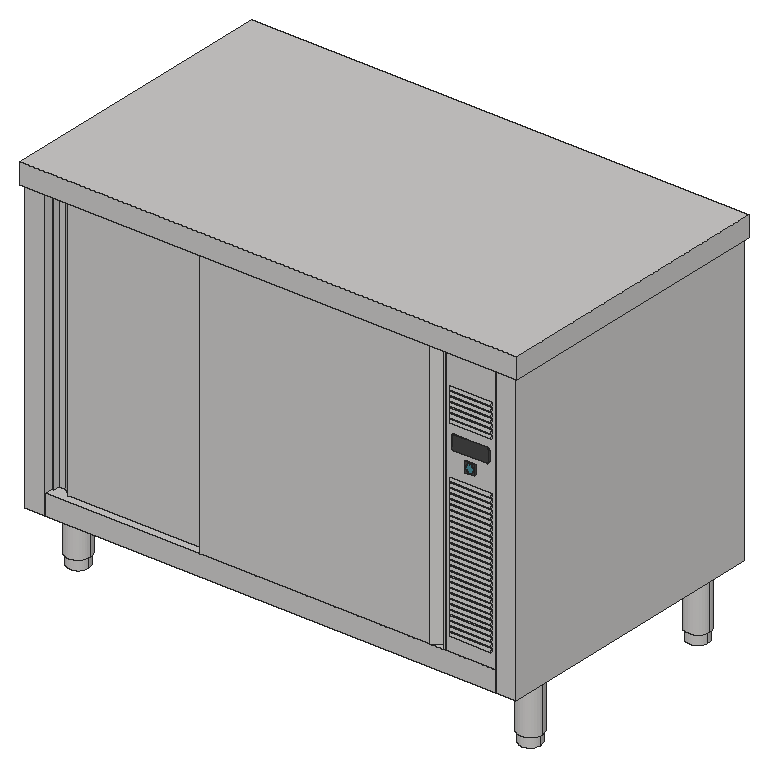
Revit family "QF_ZANUSSI_132871_MSR1207N", category Attrezzature speciali, Revit 2020
Family settings
  Quota connettore circolare = Usa diametro
  Tipo di parte = Normale
  Basato su piano di lavoro = No
  Sempre verticale = Sì
  Taglio con vuoti quando caricato = No
  Condiviso = No
  Punto di calcolo locali = No
Parameters (values of type "Standard")
  Weight = 55.00 kg
  Watts = 2400 W
  Volts = 220 V
  URL Manufacturer = "http://www.zanussiprofessional.com"
  URL = "http://www.zanussiprofessional.com"
  Steam Supply Size = 0 mm
  Steam Supply Minimum Pressure = 0.0 Pa
  Steam Supply Maximum Pressure = 0.0 Pa
  Steam Consumption per Hour = 0
  Refrigeration Suction Line Size = 0.0 mm
  Refrigeration Liquid Line Size = 0.0 mm
  Refrigerant Compressor Remote = yes
  Prospetto di default = 0.0 mm
  Produttore = "Zanussi"
  Phase = 1
  Modello = "MSR1207N"
  Length Actual = 1200.0 mm  # constant formula
  Item Number = "132871"
  Hot Water Size = 0 mm
  Height Actual = 900.0 mm  # constant formula
  HP = "3.2 HP"
  Gas Size = 0 mm
  Gas KW = 0
  Gas Input Pressure = 0 W
  Direct Waste Size = 0 mm
  Descrizione = "HOT CUPBOARD 1200MM"
  Depth Actual = 700.0 mm  # constant formula
  Cycle = 50 Hz
  Condensate Return Size = 0 mm
  Compressed Air Volume = 0.0 L/s
  Compressed Air Size = 0 mm
  Compressed Air Pressure = 0.0 Pa
  Cold Water Size = 0 mm
  Accessory = yes
Reference planes
  plane 1 "Center (Front/Back)": y = 0
  plane 2: z = 0
  plane 3 "Center (Left/Right)": x = -100
  plane 4 "LEFT": x = -700
  plane 5 "RIGHT": x = 500
  plane 6 "BACK": y = 350
  plane 7 "FRONT": y = -350
  plane 8 "Base": z = 850
  plane 9 "TOP": z = 900
  plane 10: x = -646.5
  plane 11: x = 446.5
  plane 12: y = 264.5
  plane 13: y = -241.5
  plane 14 "BodyLeft": x = -694.5
  plane 15 "BodyFront": y = -344.5
  plane 16 "BodyRight": x = 494.5
  plane 17 "BodyBack": y = 344.5
  plane 18 "FEET": z = 150
  plane 19: x = 324.5
  plane 20: x = -161
  plane 21: x = 444.5
  plane 22 "EIx": x = 400
  plane 23 "EIy": y = -170
Forms (mm)
  Extrusion 1, solid, material "QF_Finishes_Stainless Steel"
    sketch origin (-100, 0, 0) x (0, 1, 0) y (0, 0, 1)
      loop
        line (-350, 850) -> (350, 850) -> (350, 900) -> (-350, 900) -> (-350, 850)
    from 600 to -600
  Extrusion 2, solid, material "QF_Finishes_Stainless Steel"
    sketch origin (0, 0, 150) x (-1, 0, 0) y (0, -1, 0)
      loop
        line (694.5, -344.5) -> (694.5, 344.5) -> (644.5, 344.5) -> (644.5, -344.5) -> (694.5, -344.5)
      loop
        line (-444.5, -344.5) -> (-444.5, 344.5) -> (-494.5, 344.5) -> (-494.5, -344.5) -> (-444.5, -344.5)
    from 0 to 700
  Extrusion 3, solid, material "QF_Finishes_Stainless Steel"
    sketch origin (0, 0, 150) x (-1, 0, 0) y (0, -1, 0)
      loop
        line (644.5, -344.5) -> (644.5, 344.5) -> (-444.5, 344.5) -> (-444.5, -344.5) -> (644.5, -344.5)
    from 0 to 50
  Extrusion 4, solid, material "QF_Finishes_Stainless Steel"
    sketch origin (-1, 0, 150) x (-1, 0, 0) y (0, -1, 0)
      loop
        line (-325.5, 344.5) -> (-325.5, 324.5) -> (270.5, 324.5) -> (270.5, 344.5) -> (-285.5, 344.5) -> (-305.5, 329.5) -> (-320.5, 329.5) -> (-320.5, 344.5) -> (-325.5, 344.5)
    from 50 to 700
  Extrusion 5, solid, material "QF_Finishes_Stainless Steel"
    sketch origin (1, 20, 150) x (1, 0, 0) y (0, 1, 0)
      loop
        line (-645.5, -344.5) -> (-640.5, -344.5) -> (-640.5, -329.5) -> (-625.5, -329.5) -> (-605.5, -344.5) -> (-51.5, -344.5) -> (-51.5, -324.5) -> (-645.5, -324.5) -> (-645.5, -344.5)
    from 50 to 700
  Extrusion 6, solid, material "QF_Finishes_Stainless Steel"
    sketch origin (0, 0, 0) x (1, 0, 0) y (0, 1, 0)
      loop
        line (-644.5, -304.5) -> (324.5, -304.5) -> (324.5, 324.5) -> (-644.5, 324.5) -> (-644.5, -304.5)
    from 500 to 540
  Extrusion 7, solid, material "QF_Finishes_Stainless Steel"
    sketch origin (0, 0, 0) x (1, 0, 0) y (0, 1, 0)
      loop
        line (444.5, 344.5) -> (-644.5, 344.5) -> (-644.5, 324.5) -> (444.5, 324.5) -> (444.5, 344.5)
    from 200 to 850
  Extrusion 8, solid, material "QF_Finishes_Stainless Steel"
    sketch origin (0, 0, 150) x (-1, 0, 0) y (0, -1, 0)
      loop
        circle (-400, 170) r 10
    from 0 to -5
Cuts and joins
  joined: Extrusion 3, Extrusion 7
Lines and regions (mm)
  symbolic lines
    curve 1: line (500, 350, 900) -> (-700, 350, 900)
    curve 2: line (-700, 350, 900) -> (-700, -350, 900)
    curve 3: line (-700, -350, 900) -> (500, -350, 900)
    curve 4: line (500, -350, 900) -> (500, 350, 900)
  symbolic lines, style "SpecialityEquipmentHiddenLines"
    curve 5: line (-694.5, 344.5, 150) -> (494.5, 344.5, 150)
    curve 6: line (-694.5, -344.5, 150) -> (-694.5, 344.5, 150)
    curve 7: line (494.5, -344.5, 150) -> (-694.5, -344.5, 150)
    curve 8: line (494.5, 344.5, 150) -> (494.5, -344.5, 150)
    curve 9: line (-645.5, -304.5, 150) -> (-49.5, -304.5, 150)
    curve 10: line (-49.5, -304.5, 150) -> (-49.5, -324.5, 150)
    curve 11: line (-645.5, -324.5, 150) -> (324.5, -324.5, 150)
    curve 12: line (324.5, -324.5, 150) -> (324.5, -344.5, 150)
    curve 13: line (-645.5, -304.5, 150) -> (-645.5, -324.5, 150)
    curve 14: line (-271.5, -344.5, 0) -> (-271.5, -324.5, 0)
Dimensions and locks
  plane 4 "LEFT" to plane 5 "RIGHT" = 1200.0 mm
  equal spacing: plane 4 "LEFT", plane 3 "Center (Left/Right)", plane 5 "RIGHT"
  locked: plane 8 "Base" to level at 850
  plane 9 "TOP" to level = 900.0 mm
  plane 6 "BACK" to plane 7 "FRONT" = 700.0 mm
  equal spacing: plane 6 "BACK", plane 1 "Center (Front/Back)", plane 7 "FRONT"
  locked: plane 4 "LEFT" to plane 14 "BodyLeft" at 5.5
  locked: plane 16 "BodyRight" to plane 5 "RIGHT" at 5.5
  locked: plane 15 "BodyFront" to plane 7 "FRONT" at 5.5
  locked: plane 6 "BACK" to plane 17 "BodyBack" at 5.5
  locked: plane 14 "BodyLeft" to plane 10 at 48
  locked: plane 11 to plane 16 "BodyRight" at 48
  locked: plane 13 to plane 15 "BodyFront" at 103
  locked: plane 17 "BodyBack" to plane 12 at 80
  plane 10 to plane 11 = 1093.0 mm
  plane 12 to plane 13 = 506.0 mm
  locked: plane 14 "BodyLeft" to Extrusion 2 sketch curve at 50
  locked: Extrusion 2 sketch curve to Extrusion 2 sketch curve at 50
  equal spacing: plane 10, plane 20, plane 19
  locked: plane 21 to plane 16 "BodyRight" at 50
  locked: plane 19 to plane 21 at 120
  locked: Extrusion 4 sketch curve to plane 20 at 110.5
  locked: plane 20 to Extrusion 5 sketch curve at 110.5
  locked: plane 18 "FEET" to level at 150
  locked: plane 22 "EIx" to plane 5 "RIGHT" at 100
  plane 23 "EIy" to plane 7 "FRONT" = 180.0 mm
  aligned and locked: level to plane 2
  aligned and locked: plane 10 to nested 1
  aligned and locked: nested 1 to plane 13
  aligned and locked: plane 11 to nested 2
  aligned and locked: nested 2 to plane 13
  aligned and locked: plane 11 to nested 4
  aligned and locked: nested 4 to plane 12
  aligned and locked: plane 10 to nested 3
  aligned and locked: nested 3 to plane 12
  aligned and locked: Extrusion 1 to plane 4 "LEFT"
  aligned and locked: plane 5 "RIGHT" to Extrusion 1
  aligned and locked: curve 2 to plane 4 "LEFT"
  aligned and locked: plane 17 "BodyBack" to Extrusion 2 sketch curve
  aligned and locked: Extrusion 2 sketch curve to plane 15 "BodyFront"
  aligned and locked: Extrusion 2 sketch curve to plane 14 "BodyLeft"
  aligned and locked: plane 16 "BodyRight" to Extrusion 2 sketch curve
  aligned and locked: Extrusion 2 sketch curve to plane 17 "BodyBack"
  aligned and locked: plane 15 "BodyFront" to Extrusion 2 sketch curve
  aligned and locked: Extrusion 3 sketch curve to plane 17 "BodyBack"
  aligned and locked: plane 15 "BodyFront" to Extrusion 3 sketch curve
  aligned and locked: plane 8 "Base" to Extrusion 2
  aligned and locked: plane 8 "Base" to Extrusion 4
  aligned and locked: Extrusion 4 to Extrusion 3
  aligned and locked: Extrusion 1 to plane 8 "Base"
  aligned and locked: plane 9 "TOP" to Extrusion 1
  aligned and locked: curve 5 to plane 17 "BodyBack"
  aligned and locked: plane 14 "BodyLeft" to curve 6
  aligned and locked: plane 15 "BodyFront" to curve 7
  aligned and locked: plane 16 "BodyRight" to curve 8
  aligned and locked: Extrusion 3 to Extrusion 2  (x2)
  aligned and locked: Extrusion 6 sketch curve to Extrusion 2
  aligned and locked: Extrusion 6 sketch curve to Extrusion 5
  aligned and locked: nested 5 to plane 21
  aligned and locked: Extrusion 7 sketch curve to Extrusion 2
  aligned and locked: Extrusion 6 sketch curve to plane 19
Automatic sketch dimensions
  curve 14 to plane 15 "BodyFront" = 0.0 mm
  plane 15 "BodyFront" to curve 14 = 20.0 mm
  curve 14 to plane 20 = 110.5 mm
  curve 3 to plane 7 "FRONT" = 0.0 mm
  curve 4 to plane 6 "BACK" = 0.0 mm
  Extrusion 1 sketch curve to plane 7 "FRONT" = 0.0 mm
  Extrusion 1 sketch curve to plane 6 "BACK" = 0.0 mm
  Extrusion 1 sketch curve to plane 8 "Base" = 0.0 mm
  Extrusion 1 sketch curve to plane 9 "TOP" = 0.0 mm
  Extrusion 3 sketch curve to plane 21 = 0.0 mm
  plane 10 to Extrusion 3 sketch curve = 2.0 mm
  Extrusion 4 sketch curve to plane 19 = 0.0 mm
  Extrusion 4 sketch curve to plane 15 "BodyFront" = 0.0 mm  (x2)
  Extrusion 4 sketch curve to Extrusion 4 sketch curve = 5.0 mm
  Extrusion 4 sketch curve to Extrusion 4 sketch curve = 15.0 mm  (x2)
  Extrusion 4 sketch curve to Extrusion 4 sketch curve = 20.0 mm  (x2)
  Extrusion 5 sketch curve to plane 15 "BodyFront" = 20.0 mm  (x2)
  Extrusion 5 sketch curve to plane 10 = 42.0 mm
  Extrusion 5 sketch curve to plane 10 = 22.0 mm
  Extrusion 5 sketch curve to plane 10 = 7.0 mm
  Extrusion 5 sketch curve to plane 10 = 2.0 mm
  Extrusion 5 sketch curve to Extrusion 5 sketch curve = 15.0 mm
  Extrusion 5 sketch curve to Extrusion 5 sketch curve = 20.0 mm
  plane 21 to curve 12 = 120.0 mm
  curve 7 to plane 15 "BodyFront" = 0.0 mm
  plane 3 "Center (Left/Right)" to curve 9 = 50.5 mm
  plane 10 to curve 11 = 1.0 mm
  plane 15 "BodyFront" to curve 9 = 40.0 mm
  curve 11 to curve 12 = 20.0 mm
  plane 12 to Extrusion 6 sketch curve = 60.0 mm
  Extrusion 7 sketch curve to plane 17 "BodyBack" = 0.0 mm
  Extrusion 7 sketch curve to plane 21 = 0.0 mm
  Extrusion 7 sketch curve to plane 17 "BodyBack" = 20.0 mm
  curve 4 to plane 5 "RIGHT" = 0.0 mm
  Extrusion 8 sketch curve to plane 22 "EIx" = 0.0 mm
  Extrusion 8 sketch curve to plane 23 "EIy" = 0.0 mm
  radius of Extrusion 8 sketch curve = 10.0 mm
Nested families
  nested 1: "FEET_D58-150" at (-646.5, -241.5, 0), type "FEET_D58-150"
  nested 2: "FEET_D58-150" at (446.5, -241.5, 0), type "FEET_D58-150"
  nested 3: "FEET_D58-150" at (-646.5, 264.5, 0), type "FEET_D58-150"
  nested 4: "FEET_D58-150" at (446.5, 264.5, 0), type "FEET_D58-150"
  nested 5: "WT_PNL120x650" at (531.42, -304.5, 600) x (1, 0, 0) z (0, -1, 0), type "WT_PNL120x650"
    with Show Logo yes
Connectors
  electrical at (400, -170, 145)
    settings: on Extrusion 8, index 1, voltage 0 V, apparent load 0 VA, apparent load phase1 0 VA, apparent load phase2 0 VA, apparent load phase3 0 VA, power factor 1, load classification "Other", number of poles 1, system type 30, power factor state 1, is connector primary yes, connector utility no, sub classification motor no, connector description "Electrical connection"
Definition of nested family "FEET_D58-150"
  Parameters
    Default Elevation = 0.0 mm
    FEET = 150.0 mm
  Reference planes
    plane 1 "Center (Front/Back)": y = 0
    plane 2: z = 0
    plane 3 "Center (Left/Right)": x = 0
    plane 4: z = 150
  Forms (mm)
    Extrusion 1, solid
      sketch origin (0, 0, 0) x (1, 0, 0) y (0, 1, 0)
        loop
          circle (0, 0) r 25
      from 0 to 25
    Extrusion 2, solid
      sketch origin (0, 0, 0) x (1, 0, 0) y (0, 1, 0)
        loop
          circle (0.061, 0) r 29
      from 25 to 150 <- "FEET"
  Lines and regions (mm)
    symbolic lines
      curve 1: line (0, -1.503, 0) -> (0, 1.508, 0)
      curve 2: line (1.561, 0, 0) -> (-1.439, 0, 0)
  Dimensions and locks
    "FEET": plane 4 to plane 2
    aligned and locked: level to plane 2
  Automatic sketch dimensions
    plane 1 "Center (Front/Back)" to Extrusion 1 sketch curve = 0.0 mm
    Extrusion 1 sketch curve to plane 3 "Center (Left/Right)" = 0.0 mm
    plane 1 "Center (Front/Back)" to curve 2 = 0.0 mm
    curve 1 to plane 3 "Center (Left/Right)" = 0.0 mm
    curve 2 to plane 3 "Center (Left/Right)" = 1.439 mm
    plane 3 "Center (Left/Right)" to curve 2 = 1.561 mm
    plane 1 "Center (Front/Back)" to curve 1 = 1.503 mm
    curve 1 to plane 1 "Center (Front/Back)" = 1.508 mm
    plane 1 "Center (Front/Back)" to Extrusion 2 sketch curve = 0.0 mm
    plane 3 "Center (Left/Right)" to Extrusion 2 sketch curve = 0.061 mm
    radius of Extrusion 1 sketch curve = 25.0 mm
    radius of Extrusion 2 sketch curve = 29.0 mm
Definition of nested family "WT_PNL120x650"
  Parameters
    Show Logo [instance] = yes
    Default Elevation = 1219.2 mm
  Reference planes
    plane 1 "Center (Front/Back)": y = -75
    plane 2: z = 0
    plane 3 "Center (Left/Right)": x = -146.92
    plane 4: x = -206.92
    plane 5: x = -86.92
    plane 6: y = 250
    plane 7: y = -400
    plane 8 "TOP": z = 40
  Forms (mm)
    Extrusion 1, solid
      sketch origin (0, 0, 0) x (1, 0, 0) y (0, 1, 0)
        loop
          line (-1219.2, 1219.2) -> (-1219.2, -1219.2) -> (1219.2, -1219.2) -> (1219.2, 1219.2) -> (-1219.2, 1219.2)
      from 0 to -304.8
    Extrusion 2, solid
      sketch origin (0, 0, 0) x (1, 0, 0) y (0, 1, 0)
        loop
          line (-206.92, 250) -> (-206.92, -400) -> (-86.92, -400) -> (-86.92, 250) -> (-206.92, 250)
      from 0 to 40
    Extrusion 3, void
      sketch origin (0, 0, 40) x (-1, 0, 0) y (0, -1, 0)
        loop
          arc (101.92, -68.899) -> (103.795, -73.256) -> (108.247, -74.89) r 6
          line (108.247, -74.89) -> (185.92, -74.89)
          arc (185.92, -74.89) -> (190.163, -73.133) -> (191.92, -68.89) r 6
          line (191.92, -68.89) -> (191.92, -45.89)
          arc (191.92, -45.89) -> (190.163, -41.648) -> (185.92, -39.89) r 6
          line (185.92, -39.89) -> (107.92, -39.89)
          arc (107.92, -39.89) -> (103.677, -41.648) -> (101.92, -45.89) r 6
          line (101.92, -45.89) -> (101.92, -68.899)
        loop
          line (158.92, -27.89) -> (158.92, -2.89) -> (134.92, -2.89) -> (134.92, -27.89) -> (158.92, -27.89)
      from -2 to 0
    Extrusion 4, solid
      sketch origin (0, 0, 40) x (-1, 0, 0) y (0, -1, 0)
        loop
          line (185.92, -39.89) -> (107.92, -39.89)
          arc (107.92, -39.89) -> (103.677, -41.648) -> (101.92, -45.89) r 6
          line (101.92, -45.89) -> (101.92, -68.899)
          arc (101.92, -68.899) -> (103.795, -73.256) -> (108.247, -74.89) r 6
          line (108.247, -74.89) -> (185.92, -74.89)
          arc (185.92, -74.89) -> (190.163, -73.133) -> (191.92, -68.89) r 6
          line (191.92, -68.89) -> (191.92, -45.89)
          arc (191.92, -45.89) -> (190.163, -41.648) -> (185.92, -39.89) r 6
      from -2 to 1
    Extrusion 5, solid
      sketch origin (-146.92, 0, 0) x (0, 1, 0) y (0, 0, 1)
        loop
          line (95.896, 40) -> (104.899, 40) -> (95.896, 41.206) -> (95.896, 40)
        loop
          line (107.896, 40) -> (116.899, 40) -> (107.896, 41.206) -> (107.896, 40)
        loop
          line (119.896, 40) -> (128.899, 40) -> (119.896, 41.206) -> (119.896, 40)
        loop
          line (131.896, 40) -> (140.899, 40) -> (131.896, 41.206) -> (131.896, 40)
        loop
          line (143.896, 40) -> (152.899, 40) -> (143.896, 41.206) -> (143.896, 40)
        loop
          line (155.896, 40) -> (164.899, 40) -> (155.896, 41.206) -> (155.896, 40)
        loop
          line (167.896, 40) -> (176.899, 40) -> (167.896, 41.206) -> (167.896, 40)
        loop
          line (-102.104, 40) -> (-93.101, 40) -> (-102.104, 41.206) -> (-102.104, 40)
        loop
          line (-90.104, 40) -> (-81.101, 40) -> (-90.104, 41.206) -> (-90.104, 40)
        loop
          line (-78.104, 40) -> (-69.101, 40) -> (-78.104, 41.206) -> (-78.104, 40)
        loop
          line (-66.104, 40) -> (-57.101, 40) -> (-66.104, 41.206) -> (-66.104, 40)
        loop
          line (-54.104, 40) -> (-45.101, 40) -> (-54.104, 41.206) -> (-54.104, 40)
        loop
          line (-42.104, 40) -> (-33.101, 40) -> (-42.104, 41.206) -> (-42.104, 40)
        loop
          line (-30.104, 40) -> (-21.101, 40) -> (-30.104, 41.206) -> (-30.104, 40)
        loop
          line (-174.104, 40) -> (-165.101, 40) -> (-174.104, 41.206) -> (-174.104, 40)
        loop
          line (-162.104, 40) -> (-153.101, 40) -> (-162.104, 41.206) -> (-162.104, 40)
        loop
          line (-150.104, 40) -> (-141.101, 40) -> (-150.104, 41.206) -> (-150.104, 40)
        loop
          line (-138.104, 40) -> (-129.101, 40) -> (-138.104, 41.206) -> (-138.104, 40)
        loop
          line (-126.104, 40) -> (-117.101, 40) -> (-126.104, 41.206) -> (-126.104, 40)
        loop
          line (-114.104, 40) -> (-105.101, 40) -> (-114.104, 41.206) -> (-114.104, 40)
        loop
          line (-246.104, 40) -> (-237.101, 40) -> (-246.104, 41.206) -> (-246.104, 40)
        loop
          line (-234.104, 40) -> (-225.101, 40) -> (-234.104, 41.206) -> (-234.104, 40)
        loop
          line (-222.104, 40) -> (-213.101, 40) -> (-222.104, 41.206) -> (-222.104, 40)
        loop
          line (-210.104, 40) -> (-201.101, 40) -> (-210.104, 41.206) -> (-210.104, 40)
        loop
          line (-198.104, 40) -> (-189.101, 40) -> (-198.104, 41.206) -> (-198.104, 40)
        loop
          line (-186.104, 40) -> (-177.101, 40) -> (-186.104, 41.206) -> (-186.104, 40)
        loop
          line (-318.104, 40) -> (-309.101, 40) -> (-318.104, 41.206) -> (-318.104, 40)
        loop
          line (-306.104, 40) -> (-297.101, 40) -> (-306.104, 41.206) -> (-306.104, 40)
        loop
          line (-294.104, 40) -> (-285.101, 40) -> (-294.104, 41.206) -> (-294.104, 40)
        loop
          line (-282.104, 40) -> (-273.101, 40) -> (-282.104, 41.206) -> (-282.104, 40)
        loop
          line (-270.104, 40) -> (-261.101, 40) -> (-270.104, 41.206) -> (-270.104, 40)
        loop
          line (-258.104, 40) -> (-249.101, 40) -> (-258.104, 41.206) -> (-258.104, 40)
        loop
          line (-366.104, 40) -> (-357.101, 40) -> (-366.104, 41.206) -> (-366.104, 40)
        loop
          line (-354.104, 40) -> (-345.101, 40) -> (-354.104, 41.206) -> (-354.104, 40)
        loop
          line (-342.104, 40) -> (-333.101, 40) -> (-342.104, 41.206) -> (-342.104, 40)
        loop
          line (-330.104, 40) -> (-321.101, 40) -> (-330.104, 41.206) -> (-330.104, 40)
      from -50 to 50
    Extrusion 6, solid
      sketch origin (0, 0, 40) x (-1, 0, 0) y (0, -1, 0)
        loop
          line (134.92, -27.89) -> (158.92, -27.89) -> (158.92, -2.89) -> (134.92, -2.89) -> (134.92, -27.89)
        loop
          circle (146.92, -15.39) r 9
      from -2 to 3
    Extrusion 7, solid
      sketch origin (0, 0, 40) x (-1, 0, 0) y (0, -1, 0)
        loop
          circle (146.92, -15.39) r 9
      from 0 to 3
  Cuts and joins
    Extrusion 3 cuts Extrusion 2
  Dimensions and locks
    equal spacing: plane 6, plane 1 "Center (Front/Back)", plane 7
    equal spacing: plane 4, plane 3 "Center (Left/Right)", plane 5
    plane 8 "TOP" to level = 40.0 mm
    aligned and locked: plane 2 to Extrusion 1
    aligned and locked: level to Extrusion 1
  Automatic sketch dimensions
    Extrusion 1 sketch curve to Extrusion 1 sketch curve = 2438.4 mm  (x2)
    Extrusion 2 sketch curve to plane 4 = 0.0 mm
    Extrusion 2 sketch curve to plane 5 = 0.0 mm
    Extrusion 2 sketch curve to plane 7 = 0.0 mm
    Extrusion 2 sketch curve to plane 6 = 0.0 mm
    Extrusion 5 sketch curve to plane 8 "TOP" = 0.0 mm  (x36)
    Extrusion 5 sketch curve to Extrusion 5 sketch curve = 9.003 mm  (x35)
    plane 8 "TOP" to Extrusion 5 sketch curve = 1.206 mm  (x22)
    Extrusion 5 sketch curve to Extrusion 5 sketch curve = 2.997 mm  (x33)
    plane 1 "Center (Front/Back)" to Extrusion 5 sketch curve = 6.101 mm
    plane 1 "Center (Front/Back)" to Extrusion 5 sketch curve = 3.104 mm
    Extrusion 5 sketch curve to plane 1 "Center (Front/Back)" = 5.899 mm
    Extrusion 5 sketch curve to Extrusion 5 sketch curve = 116.997 mm
    Extrusion 5 sketch curve to Extrusion 5 sketch curve = 1.206 mm  (x14)
    Extrusion 4 sketch curve to plane 5 = 15.0 mm
    Extrusion 4 sketch curve to Extrusion 4 sketch curve = 6.0 mm  (x3)
    Extrusion 4 sketch curve to Extrusion 4 sketch curve = 0.327 mm
    plane 4 to Extrusion 4 sketch curve = 21.0 mm  (x2)
    Extrusion 4 sketch curve to plane 1 "Center (Front/Back)" = 149.89 mm
    Extrusion 4 sketch curve to Extrusion 4 sketch curve = 23.009 mm
    Extrusion 3 sketch curve to plane 5 = 15.0 mm
    Extrusion 3 sketch curve to Extrusion 3 sketch curve = 6.0 mm  (x3)
    Extrusion 3 sketch curve to Extrusion 3 sketch curve = 0.327 mm
    plane 3 "Center (Left/Right)" to Extrusion 3 sketch curve = 12.0 mm
    Extrusion 3 sketch curve to plane 3 "Center (Left/Right)" = 12.0 mm
    plane 4 to Extrusion 3 sketch curve = 21.0 mm  (x2)
    Extrusion 3 sketch curve to plane 1 "Center (Front/Back)" = 149.89 mm
    Extrusion 3 sketch curve to Extrusion 3 sketch curve = 23.0 mm
    Extrusion 3 sketch curve to Extrusion 3 sketch curve = 12.0 mm
    Extrusion 3 sketch curve to Extrusion 3 sketch curve = 25.0 mm
    Extrusion 6 sketch curve to plane 3 "Center (Left/Right)" = 0.0 mm
    plane 3 "Center (Left/Right)" to Extrusion 6 sketch curve = 12.0 mm
    Extrusion 6 sketch curve to plane 3 "Center (Left/Right)" = 12.0 mm
    Extrusion 6 sketch curve to plane 1 "Center (Front/Back)" = 102.89 mm
    Extrusion 6 sketch curve to Extrusion 6 sketch curve = 12.5 mm  (x2)
    Extrusion 7 sketch curve to plane 3 "Center (Left/Right)" = 0.0 mm
    Extrusion 7 sketch curve to plane 1 "Center (Front/Back)" = 90.39 mm
    radius of Extrusion 6 sketch curve = 9.0 mm
    radius of Extrusion 7 sketch curve = 9.0 mm
